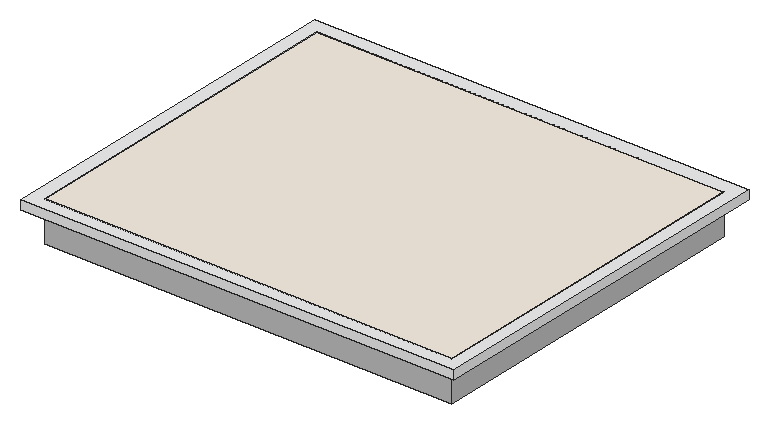
Revit family "Lighting-Industriale-GEWISS-ELIA-HL-LED_RIFLETTORE", category Apparecchi per illuminazione, host Superficie, Revit 2019 (continued)
Types (12, lengths in mm): name | Tensione | Scheda Tecnica | Potenza di sistema | Peso (kg): | Peso (kg) | Ottica | built-in parameter 1150142 | Lumen output (lm) | Modello | IDT | File diagramma fotometrico | Description
    30.64 \r\n7322.77 7109.83 6898.58 6698.31 6504.81 6320.60 6143.15 \r\n5968.23 5795.85 5622.63 5451.09 5282.94 5119.01 4960.99 \r\n4808.89 4659.33 4513.99 4372.03 4232.60 4094.87 3959.67 \r\n3827.85 3699.41 3574.35 3452.67 3330.99 3211.00 3095.23 \r\n2981.16 2869.62 2761.46 2653.30 2550.21 2453.88 2361.77 \r\n2275.59 2193.62 2113.34 2036.45 1962.09 1891.11 1821.82 \r\n1755.06 1691.35 1629.24 1568.83 1510.01 1452.13 1395.69 \r\n1341.01 1288.20 1236.91 1187.56 1140.50 1095.29 1051.94 \r\n1010.03 968.88 929.75 894.18 860.89 829.11 798.44 767.77 \r\n738.11 710.14 683.44 657.58 632.57 607.89 583.98 560.32 \r\n538.26 518.83 501.42 486.89 472.27 453.93 435.17 418.87 \r\n402.90 385.49 368.76 354.82 341.80 328.20 315.02 302.51 \r\n290.26 277.50 264.99 252.91 242.35 235.92 230.01 221.47 \r\n212.35 204.83 196.38 183.96 170.86 159.50 148.38 136.70 \r\n124.56 111.76 98.47 84.50 70.78 58.21 46.68 36.33 27.25 \r\n19.49 13.18 8.57 5.38 3.41 2.74 \r\n12448.54 12446.85 12441.78 12435.02 12424.88 12411.36 \r\n12396.15 12380.09 12359.81 12337.00 12310.81 12282.07 \r\n12250.81 12216.16 12180.67 12142.65 12102.93 12062.37 \r\n12019.28 11974.49 11929.71 11881.54 11832.53 11779.30 \r\n11723.53 11666.91 11606.92 11545.23 11480.17 11410.88 \r\n11339.06 11265.54 11190.33 11112.59 11031.47 10949.51 \r\n10865.85 10781.35 10694.32 10607.28 10517.72 10425.61 \r\n10330.13 10232.10 10129.01 10021.70 9908.47 9788.48 \r\n9664.26 9534.13 9400.63 9264.58 9124.31 8978.97 8826.87 \r\n8667.16 8497.32 8317.33 8129.74 7936.24 7735.13 7530.64 \r\n7323.61 7109.83 6898.58 6697.47 6503.97 6318.91 6139.77 \r\n5964.01 5791.63 5617.56 5446.02 5277.02 5112.25 4955.08 \r\n4802.98 4654.26 4509.77 4368.65 4230.91 4093.18 3958.82 \r\n3827.85 3700.25 3575.19 3451.82 3329.30 3210.15 3091.85 \r\n2976.93 2864.55 2755.55 2646.54 2540.91 2443.74 2352.48 \r\n2266.29 2184.32 2104.05 2028.00 1954.48 1882.66 1814.21 \r\n1748.30 1684.34 1622.57 1562.15 1503.17 1445.03 1388.59 \r\n1334.51 1282.29 1231.67 1182.83 1135.93 1090.81 1047.63 \r\n1005.89 964.82 925.70 890.38 857.25 825.73 795.23 764.64 \r\n735.07 707.26 680.56 654.71 629.44 605.10 581.28 557.53 \r\n535.39 516.55 499.73 485.20 470.50 451.99 433.40 417.68 \r\n402.30 384.56 367.41 353.38 340.45 326.93 313.83 301.41 \r\n289.16 276.31 263.72 251.56 241.16 235.16 229.67 220.71 \r\n211.17 203.90 195.62 183.28 170.01 158.76 147.77 136.30 \r\n124.35 111.63 98.37 84.36 70.61 58.09 46.60 36.25 27.15 \r\n19.38 13.10 8.52 5.36 3.41 2.74 \r\n12448.54 12446.85 12441.78 12435.02 12424.88 12411.36 \r\n12397.84 12380.09 12359.81 12337.00 12311.65 12282.92 \r\n12250.81 12217.01 12181.52 12142.65 12102.93 12062.37 \r\n12019.28 11975.34 11929.71 11882.39 11832.53 11780.99 \r\n11725.22 11668.60 11608.61 11546.92 11482.70 11412.57 \r\n11341.59 11267.23 11192.02 11113.44 11032.32 10950.35 \r\n10867.54 10782.20 10696.01 10608.97 10519.41 10427.30 \r\n10331.81 10233.79 10130.70 10023.39 9911.00 9791.86 \r\n9666.80 9536.67 9403.16 9266.27 9126.00 8979.82 8827.72 \r\n8666.32 8496.47 8318.18 8130.59 7936.24 7735.97 7532.33 \r\n7324.46 7110.67 6898.58 6696.62 6502.27 6316.37 6135.55 \r\n5960.63 5787.40 5613.33 5440.95 5271.95 5106.33 4949.16 \r\n4797.06 4650.03 4506.38 4365.27 4227.53 4091.49 3957.98 \r\n3828.69 3700.25 3575.19 3450.98 3330.14 3208.46 3090.16 \r\n2972.71 2861.17 2750.47 2639.78 2533.31 2434.45 2343.18 \r\n2256.99 2175.03 2095.60 2020.39 1946.03 1875.05 1806.61 \r\n1741.54 1677.58 1616.15 1555.81 1496.66 1438.36 1381.83 \r\n1328.26 1276.71 1226.77 1178.44 1131.62 1086.59 1043.57 \r\n1002.09 960.93 921.98 886.83 854.04 822.52 792.10 761.68 \r\n732.11 704.48 677.94 651.92 626.74 602.32 578.74 554.91 \r\n532.86 514.44 498.04 483.51 468.72 450.30 431.63 416.58 \r\n401.71 383.63 365.97 352.03 339.18 325.83 312.65 300.40 \r\n288.06 275.22 262.71 250.46 240.06 234.57 229.33 220.04 \r\n210.07 202.88 194.94 182.52 169.34 158.13 147.26 135.98 \r\n124.21 111.57 98.34 84.30 70.50 58.01 46.58 36.20 27.06 \r\n19.30 13.02 8.47 5.35 3.41 2.73 \r\n12448.54 12446.85 12441.78 12435.02 12424.88 12412.20 \r\n12397.84 12380.09 12359.81 12337.84 12311.65 12282.92 \r\n12251.65 12217.01 12181.52 12142.65 12103.78 12062.37 \r\n12019.28 11975.34 11929.71 11883.23 11834.22 11781.83 \r\n11726.91 11670.29 11611.14 11549.46 11483.55 11414.26 \r\n11342.43 11268.92 11192.87 11114.28 11034.01 10952.04 \r\n10868.39 10783.04 10696.85 10610.66 10521.09 10428.99 \r\n10333.50 10235.48 10132.39 10025.08 9912.69 9794.39 \r\n9669.33 9538.36 9404.85 9267.96 9127.69 8980.66 8827.72 \r\n8665.47 8495.63 8317.33 8130.59 7936.24 7735.13 7532.33 \r\n7324.46 7110.67 6898.58 6695.78 6501.43 6314.68 6133.01 \r\n5958.09 5784.02 5609.11 5436.73 5266.88 5102.11 4944.94 \r\n4792.84 4645.81 4503.85 4362.73 4225.85 4090.64 3957.98 \r\n3828.69 3701.10 3576.04 3451.82 3329.30 3207.62 3087.63 \r\n2970.17 2856.95 2745.40 2633.86 2525.70 2426.84 2334.73 \r\n2248.55 2167.42 2088.84 2012.79 1939.27 1867.45 1799.85 \r\n1734.78 1671.49 1610.40 1549.90 1490.66 1432.19 1375.66 \r\n1322.51 1271.64 1222.21 1174.30 1127.74 1082.87 1040.03 \r\n998.54 957.55 918.51 883.62 851.00 819.73 789.40 758.98 \r\n729.49 701.94 675.49 649.47 624.20 599.87 576.37 552.63 \r\n530.58 512.58 496.61 482.16 467.20 448.69 430.10 415.57 \r\n401.12 382.87 364.79 350.76 338.08 324.73 311.64 299.47 \r\n287.22 274.29 261.61 249.44 239.22 233.98 229.16 219.45 \r\n209.05 202.04 194.27 182.01 168.75 157.63 146.85 135.73 \r\n124.13 111.57 98.37 84.29 70.45 57.99 46.57 36.17 26.98 \r\n19.22 12.95 8.43 5.34 3.41 2.73 \r\n12448.54 12446.85 12442.62 12435.02 12424.88 12412.20 \r\n12397.84 12380.94 12360.66 12337.84 12311.65 12282.92 \r\n12251.65 12217.01 12181.52 12142.65 12103.78 12061.53 \r\n12019.28 11975.34 11930.56 11883.23 11835.07 11782.68 \r\n11728.60 11671.14 11611.99 11550.31 11486.08 11416.79 \r\n11344.12 11269.76 11193.72 11115.13 11034.01 10952.89 \r\n10869.23 10784.73 10697.70 10610.66 10521.94 10428.99 \r\n10334.35 10235.48 10133.24 10026.77 9914.38 9795.24 \r\n9671.02 9540.05 9404.85 9268.81 9127.69 8980.66 8827.72 \r\n8664.63 8493.94 8315.64 8129.74 7936.24 7735.97 7532.33 \r\n7324.46 7110.67 6898.58 6695.78 6499.74 6312.99 6130.47 \r\n5954.72 5781.49 5606.57 5433.35 5262.66 5097.88 4940.72 \r\n4790.30 4643.27 4501.31 4361.05 4225.00 4089.80 3957.98 \r\n3829.54 3701.94 3576.04 3451.82 3328.45 3208.46 3086.78 \r\n2967.64 2853.56 2742.02 2628.80 2519.79 2420.08 2327.13 \r\n2242.63 2161.51 2082.08 2006.87 1932.51 1861.53 1793.93 \r\n1728.87 1666.26 1605.33 1544.83 1485.43 1426.78 1370.34 \r\n1317.61 1267.25 1218.24 1170.83 1124.36 1079.57 1036.90 \r\n995.66 954.68 915.73 880.91 848.46 817.28 786.95 756.70 \r\n727.29 699.83 673.46 647.35 622.00 597.84 574.43 550.69 \r\n528.72 511.06 495.42 480.89 465.93 447.26 428.75 414.73 \r\n400.78 382.19 363.77 349.75 337.15 323.89 310.96 298.54 \r\n286.45 273.53 260.77 248.60 238.37 233.56 229.00 219.02 \r\n208.38 201.36 193.84 181.51 168.31 157.25 146.57 135.59 \r\n124.11 111.62 98.45 84.33 70.45 58.00 46.60 36.16 26.94 \r\n19.16 12.90 8.40 5.33 3.41 2.73 \r\n12448.54 12446.85 12443.47 12435.02 12424.88 12413.05 \r\n12397.84 12380.94 12360.66 12337.00 12311.65 12282.92 \r\n12250.81 12217.01 12181.52 12142.65 12103.78 12061.53 \r\n12019.28 11975.34 11929.71 11884.08 11835.07 11782.68 \r\n11728.60 11672.83 11613.68 11551.15 11486.93 11417.64 \r\n11344.97 11270.61 11194.56 11115.13 11034.01 10952.89 \r\n10870.08 10783.89 10697.70 10611.51 10523.63 10430.68 \r\n10334.35 10236.33 10133.24 10026.77 9915.23 9796.93 \r\n9671.87 9540.05 9406.54 9269.65 9127.69 8980.66 8826.87 \r\n8664.63 8492.25 8314.80 8130.59 7934.55 7735.13 7532.33 \r\n7324.46 7109.83 6898.58 6695.78 6499.74 6312.15 6129.63 \r\n5953.87 5779.80 5604.04 5431.66 5260.97 5095.35 4938.18 \r\n4787.77 4640.74 4498.78 4360.20 4223.31 4089.80 3957.98 \r\n3829.54 3702.79 3577.73 3452.67 3329.30 3207.62 3085.94 \r\n2965.95 2851.03 2739.49 2624.57 2514.72 2415.01 2322.06 \r\n2237.56 2156.44 2077.01 2002.65 1928.29 1857.31 1789.71 \r\n1723.80 1662.11 1601.44 1540.94 1481.29 1422.47 1366.03 \r\n1313.64 1263.78 1215.28 1168.13 1121.82 1077.04 1034.45 \r\n993.38 952.31 913.44 878.80 846.52 815.42 785.17 754.92 \r\n725.52 698.14 671.94 645.75 620.23 596.23 572.91 549.25 \r\n527.28 509.87 494.49 479.96 464.92 446.16 427.74 414.05 \r\n400.36 381.60 363.01 348.98 336.48 323.30 310.28 297.95 \r\n285.78 272.77 260.09 247.92 237.78 233.22 229.00 218.69 \r\n207.70 200.94 193.50 181.17 168.02 157.02 146.40 135.52 \r\n124.15 111.71 98.56 84.42 70.49 58.05 46.66 36.17 26.90 \r\n19.11 12.86 8.38 5.33 3.41 2.73 \r\n" | "16900" | "GWF1000MH840" | "e84e08c7-dd42-4062-b0b8-05eedc6d5434" | "GWF1000MH840.IES" | "ELIA HL M2 60° 4000K S.ALONE ON/OFF"
